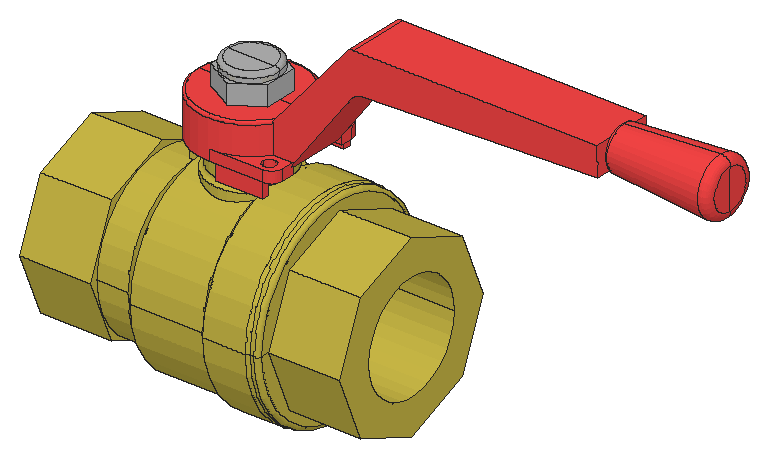
Revit family "QA02030000", category Apparecchi idraulici, Revit 2016
Family settings
  Tipo di parte = Normale
  Quota connettore circolare = Usa diametro
  Numero OmniClass = 23.45.00.00
  Titolo OmniClass = Sanitary, Laundry, and Cleaning Equipment
  Basato su piano di lavoro = No
  Sempre verticale = Sì
  Taglio con vuoti quando caricato = No
  Condiviso = No
  Punto di calcolo locali = No
Parameters
  URL = "https://web.cimberio.it/index.php/figura/1028?subcategoria_id=41693"
  DN Model [instance] = QA02031025 : QA02031025
  DN [instance] = 25 mm
Reference planes
  plane 1 "Centro (Fronte/Retro)": y = 0
  plane 2: z = 0
  plane 3 "Centro (Sinistra/Destra)": x = 0
Dimensions and locks
  aligned and locked: level to plane 2
Nested families
  nested 1: "QA02031025" at (0, 0, 0), type <- "DN Model", type "QA02031025"
  nested 2: "QA02031025" at (0, 0, 0), type <- "DN Model", type "QA02031025"
  nested 3: "QA02031025" at (0, 0, 0), type <- "DN Model", type "QA02031025"
  nested 4: "QA02031025" at (0, 0, 0), type <- "DN Model", type "QA02031025"
  nested 5: "QA02031025" at (0, 0, 0), type <- "DN Model", type "QA02031025"
  nested 6: "QA02031025" at (0, 0, 0), type <- "DN Model", type "QA02031025"
Connectors
  piping at (36.7, 0, 0), diameter 25, driven by "DN"
    settings: on nested 1, index 1, connector inside diameter 609.6 mm, connector length 0 mm, flow factor 0, pipe flow 0.0 L/s, pressure drop 0.0 Pa, fitting loss kfactor 0, connector angle 0.00°, fixture units 0, engagement length 0 mm, angle of deflection 0.00°, flow configuration 0, flow direction 0, fitting loss method 0, system type 7, joint type 0, gender type 0, connector reference index -1, connector utility 0, adjustable connector no, is connector primary yes, connector description ""
  piping at (-36.9, 0, 0), diameter 25, driven by "DN"
    settings: on nested 1, index 2, connector inside diameter 609.6 mm, connector length 0 mm, flow factor 0, pipe flow 0.0 L/s, pressure drop 0.0 Pa, fitting loss kfactor 0, connector angle 0.00°, fixture units 0, engagement length 0 mm, angle of deflection 0.00°, flow configuration 0, flow direction 0, fitting loss method 0, system type 7, joint type 0, gender type 0, connector reference index -1, connector utility 0, adjustable connector no, is connector primary no, connector description ""
Definition of nested family "QA02031025"
  Reference planes
    plane 1 "Centro (Fronte/Retro)": y = 0
    plane 2: z = 0
    plane 3 "Centro (Sinistra/Destra)": x = 0
  Forms (mm)
    Revolve 1, solid
      sketch origin (0, 0, 0) x (1, 0, 0) y (0, 1, 0)
        loop
          line (-20.6, 12.5) -> (20.1, 12.5) -> (20.1, 22.25)
          arc (20.1, 22.25) -> (19.807, 22.957) -> (19.1, 23.25) r 1
          line (19.1, 23.25) -> (18.06, 23.25) -> (17.29, 23.5) -> (7.6, 23.5) -> (6.4, 22.3) -> (-10.1, 22.3) -> (-13.4, 19) -> (-20.6, 19) -> (-20.6, 12.5)
        axis (-20.6, 0) -> (20.1, 0)
      angle from 0 to 360
    Extrusion 2, solid
      sketch origin (0, 0, 0) x (0, 1, 0) y (0, 0, 1)
        loop
          circle (0, 0) r 12.5
        loop
          line (0, 20.5) -> (-14.496, 14.496) -> (-20.5, 0) -> (-14.496, -14.496) -> (0, -20.5) -> (14.496, -14.496) -> (20.5, 0) -> (14.496, 14.496) -> (0, 20.5)
      from -36.9 to -20.6
    Extrusion 3, solid
      sketch origin (0, 0, 0) x (0, 1, 0) y (0, 0, -1)
        loop
          circle (0, 0) r 12.5
        loop
          line (0, -20.5) -> (14.496, -14.496) -> (20.5, 0) -> (14.496, 14.496) -> (0, 20.5) -> (-14.496, 14.496) -> (-20.5, 0) -> (-14.496, -14.496) -> (0, -20.5)
      from -36.7 to -20
    Revolve 4, solid
      sketch origin (0, 0, 0) x (1, 0, 0) y (0, 0, 1)
        loop
          line (0.065, 28.2) -> (-8.62, 28.2) -> (-8.62, 23.24)
          arc (-8.62, 23.24) -> (-8.917, 22.525) -> (-9.631, 22.229) r 1.011
          line (-9.631, 22.229) -> (-9.631, 19.618) -> (0.065, 19.618) -> (0.065, 28.2)
        axis (0.065, 19.618) -> (0.065, 28.2)
      angle from 0 to 360
    Extrusion 5, solid
      sketch origin (0, 0, 0) x (1, 0, 0) y (0, 0, 1)
        loop
          line (-8, 28.2) -> (-13, 28.2) -> (-13, 20.151)
          arc (-13, 20.151) -> (-12.606, 19.948) -> (-12.174, 19.851) r 1.741
          line (-12.174, 19.851) -> (-8, 19.851) -> (-8, 28.2)
      from -1.5 to 1.5
    Revolve 6, solid
      sketch origin (0, 0, 0) x (1, 0, 0) y (0, 0, 1)
        loop
          line (0, 32.842) -> (-8, 32.842) -> (-8, 26.688) -> (0, 26.688) -> (0, 32.842)
        axis (0, 32.842) -> (0, 26.688)
      angle from 0 to 360
    Revolve 7, solid
      sketch origin (0, 0, 0) x (1, 0, 0) y (0, 0, 1)
        loop
          line (0, 38.5) -> (-12, 38.5)
          arc (-12, 38.5) -> (-12.403, 38.267) -> (-12.5, 37.812) r 0.574
          line (-12.5, 37.812) -> (-12.5, 29) -> (0, 29) -> (0, 38.5)
        axis (0, 38.5) -> (0, 29)
      angle from 0 to 360
    Extrusion 8, solid
      sketch origin (0, 0, 0) x (1, 0, 0) y (0, 1, 0)
        loop
          arc (0, 12.5) -> (5.863, 11.04) -> (10.356, 7) r 12.5
          line (10.356, 7) -> (15, 7) -> (15, 9.999)
          arc (15, 9.999) -> (14.268, 11.767) -> (12.5, 12.5) r 2.5
          line (12.5, 12.5) -> (0, 12.5)
        loop
          line (0, -12.5) -> (12.5, -12.5)
          arc (12.5, -12.5) -> (14.268, -11.767) -> (15, -9.999) r 2.5
          line (15, -9.999) -> (15, -7) -> (10.356, -7)
          arc (10.356, -7) -> (5.863, -11.04) -> (0, -12.5) r 12.5
        loop
          circle (12, 10) r 1.5
        loop
          circle (12, -10) r 1.5
      from 29 to 31.5
    Extrusion 9, solid
      sketch origin (0, 0, 0) x (1, 0, 0) y (0, 1, 0)
        loop
          line (12.397, -12.5) -> (12.397, -10.9) -> (1.6, -10.9) -> (1.6, -12.5) -> (12.397, -12.5)
      from 25.5 to 29
    Extrusion 10, solid
      sketch origin (0, 0, 0) x (1, 0, 0) y (0, 1, 0)
        loop
          line (12.397, 12.5) -> (1.6, 12.5) -> (1.6, 10.9) -> (12.397, 10.9) -> (12.397, 12.5)
      from 25.5 to 29
    Extrusion 11, solid
      sketch origin (0, 0, 0) x (1, 0, 0) y (0, 1, 0)
        loop
          line (-0.192, 7.499) -> (-6.59, 3.583) -> (-6.399, -3.916) -> (0.192, -7.499) -> (6.59, -3.583) -> (6.399, 3.916) -> (-0.192, 7.499)
      from 38.5 to 43
    Revolve 12, solid
      sketch origin (0, 0, 0) x (1, 0, 0) y (0, 0, 1)
        loop
          arc (-5.25, 45) -> (-5.957, 44.707) -> (-6.25, 44) r 1
          line (-6.25, 44) -> (-6.25, 43) -> (0, 43) -> (0, 45) -> (-5.25, 45)
        axis (0, 45) -> (0, 43)
      angle from 0 to 360
    Extrusion 13, solid
      sketch origin (0, 0, 0) x (1, 0, 0) y (0, 0, 1)
        loop
          line (10.356, 38.239) -> (10.356, 29.654) -> (14.118, 29.654) -> (28.704, 49.682)
          arc (28.704, 49.682) -> (29.406, 50.296) -> (30.306, 50.545) r 2.1
          line (30.306, 50.545) -> (85.121, 53.005) -> (84.946, 59.5) -> (29.02, 59.5)
          arc (29.02, 59.5) -> (28.132, 59.303) -> (27.411, 58.75) r 2.1
          line (27.411, 58.75) -> (10.356, 38.239)
      from -7 to 7
    Revolve 14, solid
      sketch origin (0, 0, 0) x (1, 0, 0) y (0, 0, 1)
        loop
          arc (85.745, 61.288) -> (85.215, 61.036) -> (85, 60.49) r 0.8
          line (85, 60.49) -> (84.499, 59.5) -> (84.499, 56.253) -> (110, 56.253) -> (110, 60.825)
          arc (110, 60.825) -> (109.356, 62.297) -> (107.836, 62.82) r 2
          line (107.836, 62.82) -> (85.745, 61.288)
        axis (84.499, 56.253) -> (110, 56.253)
      angle from 0 to 360
  Cuts and joins
    joined: Revolve 4, Extrusion 5
  Dimensions and locks
    aligned and locked: level to plane 2
